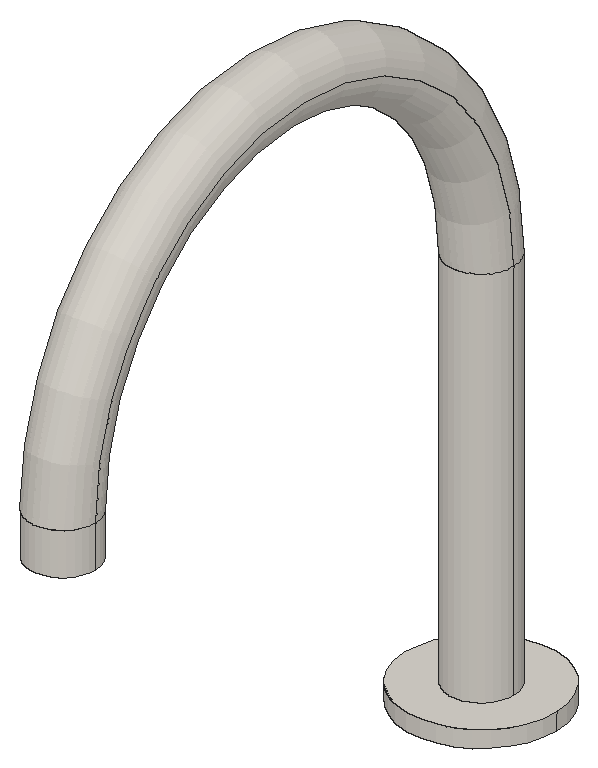
Revit family "Grace Spout", category Plumbing Equipment, host Face, Revit 2026
Family settings
  Host = Face
  Round Connector Dimension = Use Diameter
  Classification = None
  Part Type = Normal
  Cut with Voids When Loaded = No
  Maintain Annotation Orientation = No
  Shared = No
  Room Calculation Point = No
Parameters (values of type "BRUSHED NICKEL")
  Width = 54 mm
  Material = BM_NICKEL
  Length = 224.75 mm
  Height = 247 mm
  Default Elevation = 1219.2 mm
Types (6, lengths in mm): name | Material
  (no name) | BM_NICKEL
  MATTE BLACK | BM_MATTE BLACK
  BRUSHED GUNMETAL | BM_GUNMETAL
  BRUSHED NICKEL | BM_NICKEL
  BRUSHED ANTIQUE BRASS | BM_ANTIQUE BRASS
  BRUSHED BRASS GOLD | BM_BRASS GOLD
Reference planes
  plane 1 "Center (Front/Back)": y = 0
  plane 2: z = 0
  plane 3 "Center (Left/Right)": x = 0
  plane 4: x = -27
  plane 5: x = 27
  plane 6: y = 27
  plane 7: y = -27
  plane 8: z = 6
  plane 9: z = 247
  plane 10: y = -197.75
  plane 11: y = -174.25
  plane 12: y = -186
Forms (mm)
  Extrusion 1, solid, material "BM_NICKEL" <- "Material"
    sketch origin (0, 0, 0) x (1, 0, 0) y (0, 1, 0)
      loop
        circle (0, 0) r 27
    from 0 to 6
  Sweep 2, solid, material "BM_NICKEL" <- "Material"
    path origin (0, 0, 0) x (0, 1, 0) y (0, 0, 1)
      loop
        line (0, 6) -> (0, 142.5)
        arc (0, 142.5) -> (-93, 235.5) -> (-186, 142.5) r 93
        line (-186, 142.5) -> (-186, 127.5)
    profile origin (0, 0, 74.25) x (0, -1, 0) y (1, 0, 0)
      loop
        circle (0, 0) r 11.75
Text (mm)
  text "Refer to www.buildmat.com.au for the most current product literature. \nAllow a +/- 5mm tolerance for dimensions shown in the product literature. \nPlease note product details are subject to change due to ongoing product development." at (-3.416, -1098.909, 0), in view "Ref. Level"
Dimensions and locks
  "Length": plane 6 to plane 10
  "Width": plane 4 to plane 5
  plane 11 to plane 10 = 23.5 mm
  plane 6 to plane 10 = 224.75 mm
  plane 6 to plane 7 = 54 mm
  "Height": plane 9 to host face
  plane 4 to plane 3 "Center (Left/Right)" = 27 mm
  aligned and locked: plane 2 to host face
  aligned and locked: level to host face
Automatic sketch dimensions
  host sketch curve to host sketch curve = 2438.4 mm  (x2)
  plane 1 "Center (Front/Back)" to Extrusion 1 sketch curve = 0 mm
  Extrusion 1 sketch curve to plane 3 "Center (Left/Right)" = 0 mm
  Sweep 2 sketch curve to plane 12 = 0 mm
  Sweep 2 sketch curve to plane 1 "Center (Front/Back)" = 0 mm
  Sweep 2 sketch curve to plane 8 = 0 mm
  Sweep 2 sketch curve to plane 9 = 104.5 mm
  Sweep 2 sketch curve to Sweep 2 sketch curve = 15 mm
  Sweep 2 sketch curve to plane 3 "Center (Left/Right)" = 0 mm
  Sweep 2 sketch curve to profile plane = 0 mm
  radius of Extrusion 1 sketch curve = 27 mm
  radius of Sweep 2 sketch curve = 11.75 mm
